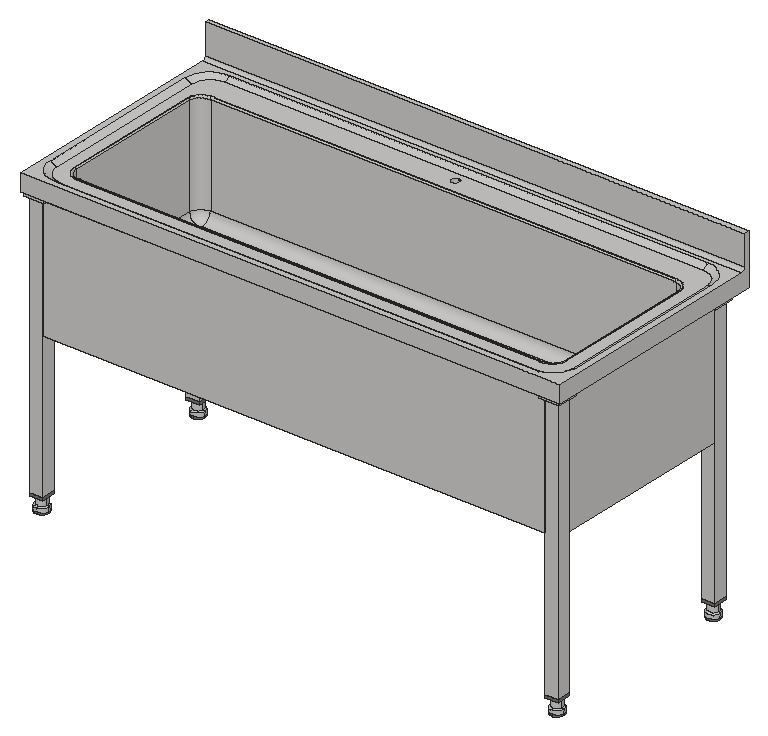
Revit family "QF_ZANUSSI_132912_SLP16N", category Attrezzature speciali, Revit 2020
Family settings
  Quota connettore circolare = Usa diametro
  Tipo di parte = Normale
  Basato su piano di lavoro = No
  Sempre verticale = Sì
  Taglio con vuoti quando caricato = No
  Condiviso = No
  Punto di calcolo locali = No
Parameters (values of type "Standard")
  Weight = 65.00 kg
  Watts = 0 W
  Volts = 0 V
  URL Manufacturer = "http://www.zanussiprofessional.com"
  URL = "http://www.zanussiprofessional.com"
  Steam Supply Size = 0 mm
  Steam Supply Minimum Pressure = 0.0 Pa
  Steam Supply Maximum Pressure = 0.0 Pa
  Steam Consumption per Hour = 0
  Refrigeration Suction Line Size = 0.0 mm
  Refrigeration Liquid Line Size = 0.0 mm
  Refrigerant Compressor Remote = yes
  Prospetto di default = 0.0 mm
  Phase = 0
  Modello = "SLP16N"
  Produttore = "Zanussi"
  Length Actual = 1600.0 mm  # constant formula
  Item Number = "132912"
  Hot Water Size = 0 mm
  Height Actual = 900.0 mm  # constant formula
  HP = "0 HP"
  Gas Size = 0 mm
  Gas KW = 0
  Gas Input Pressure = 0 W
  Direct Waste Size = 139.7 mm
  Descrizione = "SOAKING SINK UNIT WITH 1 BOWL (1280X510X340MM), 1600MM"
  Depth Actual = 700.0 mm  # constant formula
  Cycle = 0 Hz
  Condensate Return Size = 0 mm
  Compressed Air Volume = 0.0 L/s
  Compressed Air Size = 0 mm
  Compressed Air Pressure = 0.0 Pa
  Cold Water Size = 0 mm
  Accessory = yes
Reference planes
  plane 1 "Center (Front/Back)": y = 0
  plane 2: z = 0
  plane 3 "Center (Left/Right)": x = 0
  plane 4 "LEFT": x = -800
  plane 5 "RIGHT": x = 800
  plane 6 "BACK": y = 350
  plane 7 "FRONT": y = -350
  plane 8 "Base": z = 850
  plane 9 "TOP": z = 900
  plane 10 "Sink_Base": z = 558
  plane 11: z = 441
  plane 12 "PlaneGrid": z = 890
  plane 13 "ScaricoY": y = 141
  plane 14: x = 650
Forms (mm)
  Extrusion 1, solid, material "QF_Finishes_Stainless Steel"
    sketch origin (0, 0, 0) x (0, 1, 0) y (0, 0, 1)
      loop
        line (-350, 850) -> (350, 850) -> (350, 1000) -> (337, 1000) -> (337, 910)
        arc (337, 910) -> (334.071, 902.929) -> (327, 900) r 10
        line (327, 900) -> (-350, 900) -> (-350, 850)
    from 800 to -800
  Extrusion 2, void
    sketch origin (50, 9, 558) x (0, -1, 0) y (1, 0, 0)
      loop
        circle (-132, 600) r 28
    from 32.343 to -63.145
  Revolve 3, solid, material "QF_Finishes_White"
    sketch origin (650, 9, 0) x (0, -1, 0) y (0, 0, 1)
      loop
        line (-148.5, 542.617) -> (-148.5, 528.5) -> (-147, 528.5) -> (-147, 543.449) -> (-158.558, 550.671) -> (-158.558, 558) -> (-160.058, 558) -> (-160.058, 549.84) -> (-148.5, 542.617)
      axis (-132, 558) -> (-132, 528.5)
    angle from 0 to 360
  Extrusion 4, void
    sketch origin (-6.5, 18.8, 558) x (0, -1, 0) y (1, 0, 0)
      loop
        circle (-245, 6.5) r 11.5
    from 342 to 275.381
  Extrusion 5, void
    sketch origin (-5, 0, 900) x (0, 1, 0) y (-1, 0, 0)
      loop
        arc (-277.556, -695) -> (-265.84, -723.284) -> (-237.556, -735) r 40
        line (-237.556, -735) -> (182.444, -735)
        arc (182.444, -735) -> (210.729, -723.284) -> (222.444, -695) r 40
        line (222.444, -695) -> (222.444, 684.878)
        arc (222.444, 684.878) -> (210.729, 713.162) -> (182.444, 724.878) r 40
        line (182.444, 724.878) -> (-237.556, 724.878)
        arc (-237.556, 724.878) -> (-265.84, 713.162) -> (-277.556, 684.878) r 40
        line (-277.556, 684.878) -> (-277.556, -695)
    from 0 to -50
  Extrusion 6, solid, material "QF_Finishes_Stainless Steel"
    sketch origin (-5, 0, 558) x (0, -1, 0) y (1, 0, 0)
      loop
        line (242.556, -684.878) -> (242.556, 695)
        arc (242.556, 695) -> (241.091, 698.536) -> (237.556, 700) r 5
        line (237.556, 700) -> (-182.444, 700)
        arc (-182.444, 700) -> (-185.98, 698.536) -> (-187.444, 695) r 5
        line (-187.444, 695) -> (-187.444, -684.878)
        arc (-187.444, -684.878) -> (-185.98, -688.414) -> (-182.444, -689.878) r 5
        line (-182.444, -689.878) -> (237.556, -689.878)
        arc (237.556, -689.878) -> (241.091, -688.414) -> (242.556, -684.878) r 5
    from 0 to 1.5
  Sweep 7, solid, material "QF_Finishes_Stainless Steel"
    path origin (-4.99, -1.992, 900) x (0, 1, 0) y (-1, 0, 0)
      loop
        line (224.437, -694.99) -> (224.437, 684.888)
        arc (224.437, 684.888) -> (212.721, 713.172) -> (184.437, 724.888) r 40
        line (184.437, 724.888) -> (-235.563, 724.888)
        arc (-235.563, 724.888) -> (-263.848, 713.172) -> (-275.563, 684.888) r 40
        line (-275.563, 684.888) -> (-275.563, -694.99)
        arc (-275.563, -694.99) -> (-263.848, -723.274) -> (-235.563, -734.99) r 40
        line (-235.563, -734.99) -> (184.437, -734.99)
        arc (184.437, -734.99) -> (212.721, -723.274) -> (224.437, -694.99) r 40
    profile origin (0.061, 222.444, 900) x (0, -1, 0) y (0, 0, 1)
      loop
        arc (5, -15) -> (3.536, -11.464) -> (0, -10) r 5
        line (0, -10) -> (0, -11.5)
        arc (0, -11.5) -> (2.475, -12.525) -> (3.5, -15) r 3.5
        line (3.5, -15) -> (3.5, -310.5)
        arc (3.5, -310.5) -> (12.726, -332.774) -> (35, -342) r 31.5
        line (35, -342) -> (35, -340.5)
        arc (35, -340.5) -> (13.787, -331.713) -> (5, -310.5) r 30
        line (5, -310.5) -> (5, -15)
  Blend 8, void
    base sketch origin (-4.99, 0, 900) x (0, 1, 0) y (-1, 0, 0)
      loop
        arc (312.89, 705.01) -> (291.541, 756.551) -> (240, 777.9) r 72.89
        line (240, 777.9) -> (-260, 777.9)
        arc (-260, 777.9) -> (-311.541, 756.551) -> (-332.89, 705.01) r 72.89
        line (-332.89, 705.01) -> (-332.89, -714.99)
        arc (-332.89, -714.99) -> (-311.541, -766.531) -> (-260, -787.88) r 72.89
        line (-260, -787.88) -> (240, -787.88)
        arc (240, -787.88) -> (291.541, -766.531) -> (312.89, -714.99) r 72.89
        line (312.89, -714.99) -> (312.89, 705.01)
    top sketch origin (-4.99, 0, 900) x (0, 1, 0) y (-1, 0, 0)
      loop
        arc (294.457, 705.01) -> (278.507, 743.517) -> (240, 759.467) r 54.457
        line (240, 759.467) -> (-260, 759.467)
        arc (-260, 759.467) -> (-298.507, 743.517) -> (-314.457, 705.01) r 54.457
        line (-314.457, 705.01) -> (-314.457, -714.99)
        arc (-314.457, -714.99) -> (-298.507, -753.497) -> (-260, -769.447) r 54.457
        line (-260, -769.447) -> (240, -769.447)
        arc (240, -769.447) -> (278.507, -753.497) -> (294.457, -714.99) r 54.457
        line (294.457, -714.99) -> (294.457, 705.01)
    from 0 to -10
Cuts and joins
  Extrusion 4, Extrusion 5, Blend 8 cuts Extrusion 1
  Extrusion 2 cuts Extrusion 6
  joined: Extrusion 6, Sweep 7
Lines and regions (mm)
  symbolic lines
    curve 1: line (800, 350, 900) -> (-800, 350, 900)
    curve 2: line (-800, 350, 900) -> (-800, -350, 900)
    curve 3: line (-800, -350, 900) -> (800, -350, 900)
    curve 4: line (800, -350, 900) -> (800, 350, 900)
    curve 5: line (800, 337, 900) -> (-800, 337, 900)
    curve 6: arc (-782.89, 240, 900) -> (-761.541, 291.541, 900) -> (-710, 312.89, 900) r 72.89
    curve 7: line (-710, 312.89, 900) -> (710, 312.89, 900)
    curve 8: line (-782.89, -260, 900) -> (-782.89, 240, 900)
    curve 9: arc (-710, -332.89, 900) -> (-761.541, -311.541, 900) -> (-782.89, -260, 900) r 72.89
    curve 10: line (710, -332.89, 900) -> (-710, -332.89, 900)
    curve 11: line (-710, -314.457, 900) -> (710, -314.457, 900)
    curve 12: arc (-764.457, -260, 900) -> (-748.507, -298.507, 900) -> (-710, -314.457, 900) r 54.457
    curve 13: line (-764.457, 240, 900) -> (-764.457, -260, 900)
    curve 14: arc (-710, 294.457, 900) -> (-748.507, 278.507, 900) -> (-764.457, 240, 900) r 54.457
    curve 15: line (710, 294.457, 900) -> (-710, 294.457, 900)
    curve 16: arc (764.457, 240, 900) -> (748.507, 278.507, 900) -> (710, 294.457, 900) r 54.457
    curve 17: arc (710, 312.89, 900) -> (761.541, 291.541, 900) -> (782.89, 240, 900) r 72.89
    curve 18: line (782.89, 240, 900) -> (782.89, -260, 900)
    curve 19: line (764.457, -260, 900) -> (764.457, 240, 900)
    curve 20: arc (782.89, -260, 900) -> (761.541, -311.541, 900) -> (710, -332.89, 900) r 72.89
    curve 21: arc (710, -314.457, 900) -> (748.507, -298.507, 900) -> (764.457, -260, 900) r 54.457
    curve 22: circle (0, 263.8, 900) r 11.5 normal (0, 0, 1)
    curve 23: circle (650, 141, 900) r 28 normal (0, 0, 1)
    curve 24: circle (650, 141, 900) r 16.5 normal (0, 0, -1)
    curve 25: arc (-689.978, 222.444, 900) -> (-718.262, 210.729, 900) -> (-729.978, 182.444, 900) r 40
    curve 26: line (690, 222.444, 900) -> (-689.978, 222.444, 900)
    curve 27: line (-729.978, 182.444, 900) -> (-729.978, -237.556, 900)
    curve 28: arc (-729.978, -237.556, 900) -> (-718.262, -265.84, 900) -> (-689.978, -277.556, 900) r 40
    curve 29: line (-689.978, -277.556, 900) -> (690, -277.556, 900)
    curve 30: arc (690, -277.556, 900) -> (718.284, -265.84, 900) -> (730, -237.556, 900) r 40
    curve 31: line (730, -237.556, 900) -> (730, 182.444, 900)
    curve 32: arc (730, 182.444, 900) -> (718.284, 210.729, 900) -> (690, 222.444, 900) r 40
Dimensions and locks
  plane 4 "LEFT" to plane 5 "RIGHT" = 1600.0 mm
  equal spacing: plane 4 "LEFT", plane 3 "Center (Left/Right)", plane 5 "RIGHT"
  locked: plane 8 "Base" to level at 850
  locked: Extrusion 1 to level at 1000
  plane 9 "TOP" to level = 900.0 mm
  plane 6 "BACK" to plane 7 "FRONT" = 700.0 mm
  equal spacing: plane 6 "BACK", plane 1 "Center (Front/Back)", plane 7 "FRONT"
  plane 10 "Sink_Base" to level = 558.0 mm
  plane 11 to level = 441.0 mm
  locked: plane 6 "BACK" to plane 13 "ScaricoY" at 209
  plane 14 to plane 5 "RIGHT" = 150.0 mm
  aligned and locked: level to plane 2
  aligned and locked: Extrusion 1 to plane 4 "LEFT"
  aligned and locked: plane 5 "RIGHT" to Extrusion 1
  aligned and locked: curve 2 to plane 4 "LEFT"
Automatic sketch dimensions
  Extrusion 1 sketch curve to plane 7 "FRONT" = 0.0 mm
  Extrusion 1 sketch curve to plane 9 "TOP" = 0.0 mm
  Extrusion 1 sketch curve to plane 6 "BACK" = 0.0 mm
  Extrusion 1 sketch curve to plane 8 "Base" = 0.0 mm
  plane 9 "TOP" to Extrusion 1 sketch curve = 10.0 mm
  Extrusion 1 sketch curve to plane 6 "BACK" = 23.0 mm
  Extrusion 1 sketch curve to Extrusion 1 sketch curve = 90.0 mm
  Extrusion 2 sketch curve to plane 13 "ScaricoY" = 0.0 mm
  plane 10 "Sink_Base" to Revolve 3 sketch curve = 0.0 mm
  Revolve 3 sketch curve to plane 13 "ScaricoY" = 0.0 mm
  plane 13 "ScaricoY" to Revolve 3 sketch curve = 15.0 mm
  Revolve 3 sketch curve to Revolve 3 sketch curve = 1.5 mm  (x2)
  plane 10 "Sink_Base" to Revolve 3 sketch curve = 7.329 mm
  Revolve 3 sketch curve to Revolve 3 sketch curve = 10.058 mm
  Revolve 3 sketch curve to Revolve 3 sketch curve = 0.831 mm  (x2)
  Revolve 3 sketch curve to Revolve 3 sketch curve = 7.222 mm
  Revolve 3 sketch curve to Revolve 3 sketch curve = 14.117 mm
  Revolve 3 sketch curve to Revolve 3 sketch curve = 24.0 mm
  Revolve 3 sketch curve to plane 10 "Sink_Base" = 26.5 mm
  Extrusion 4 sketch curve to plane 3 "Center (Left/Right)" = 0.0 mm
  Sweep 7 sketch curve to Sweep 7 sketch curve = 0.0 mm  (x4)
  Sweep 7 sketch curve to profile plane = 0.0 mm
  Sweep 7 sketch curve to profile plane = 3.5 mm
  Sweep 7 sketch curve to Sweep 7 sketch curve = 1.5 mm
  Sweep 7 sketch curve to Sweep 7 sketch curve = 30.0 mm
  Sweep 7 sketch curve to profile plane = 342.0 mm
  Sweep 7 sketch curve to profile plane = 15.0 mm
  Blend 8 sketch curve to plane 6 "BACK" = 37.11 mm
  plane 4 "LEFT" to Blend 8 sketch curve = 90.0 mm  (x2)
  plane 7 "FRONT" to Blend 8 sketch curve = 90.0 mm  (x2)
  Blend 8 sketch curve to Blend 8 sketch curve = 72.89 mm  (x4)
  Blend 8 sketch curve to plane 5 "RIGHT" = 90.0 mm  (x2)
  Blend 8 sketch curve to Blend 8 sketch curve = 54.457 mm  (x2)
  plane 7 "FRONT" to Sweep 7 sketch curve = 112.444 mm
  Sweep 7 sketch curve to Sweep 7 sketch curve = 40.0 mm  (x3)
  plane 13 "ScaricoY" to Sweep 7 sketch curve = 41.444 mm  (x2)
  plane 4 "LEFT" to Sweep 7 sketch curve = 110.122 mm
  Extrusion 2 sketch curve to plane 5 "RIGHT" = 150.0 mm
  Sweep 7 sketch curve to plane 5 "RIGHT" = 110.0 mm
  Extrusion 4 sketch curve to plane 6 "BACK" = 86.2 mm
  plane 13 "ScaricoY" to Blend 8 sketch curve = 99.0 mm  (x2)
  plane 4 "LEFT" to Blend 8 sketch curve = 35.543 mm
  curve 6 to curve 14 = 0.0 mm  (x2)
  curve 9 to curve 12 = 0.0 mm  (x2)
  curve 16 to curve 17 = 0.0 mm  (x2)
  curve 20 to curve 21 = 0.0 mm
  curve 23 to curve 24 = 0.0 mm  (x2)
  curve 4 to plane 5 "RIGHT" = 0.0 mm
  curve 4 to plane 7 "FRONT" = 0.0 mm
  curve 24 to plane 13 "ScaricoY" = 0.0 mm
  curve 22 to plane 3 "Center (Left/Right)" = 0.0 mm
  curve 2 to plane 6 "BACK" = 0.0 mm
  curve 23 to plane 14 = 0.0 mm
  plane 7 "FRONT" to curve 10 = 17.11 mm
  curve 10 to curve 11 = 18.433 mm
  curve 22 to plane 6 "BACK" = 86.2 mm
  curve 18 to plane 5 "RIGHT" = 17.11 mm
  curve 5 to plane 6 "BACK" = 13.0 mm
  plane 4 "LEFT" to curve 8 = 17.11 mm
  curve 6 to curve 14 = 54.457 mm
  Extrusion 5 sketch curve to plane 14 = 40.0 mm  (x2)
  Extrusion 5 sketch curve to Extrusion 5 sketch curve = 40.0 mm  (x3)
  plane 13 "ScaricoY" to Extrusion 5 sketch curve = 41.444 mm
  plane 4 "LEFT" to Extrusion 5 sketch curve = 110.122 mm
  plane 7 "FRONT" to Extrusion 5 sketch curve = 112.444 mm
  curve 11 to curve 13 = 54.457 mm
  curve 18 to curve 5 = 97.0 mm
  plane 7 "FRONT" to Extrusion 6 sketch curve = 112.444 mm
  Extrusion 6 sketch curve to Extrusion 6 sketch curve = 5.0 mm  (x4)
  plane 4 "LEFT" to Extrusion 6 sketch curve = 110.122 mm
  plane 13 "ScaricoY" to Extrusion 6 sketch curve = 41.444 mm
  Extrusion 6 sketch curve to plane 14 = 40.0 mm
  plane 13 "ScaricoY" to curve 25 = 41.444 mm
  curve 26 to curve 6 = 17.556 mm
  curve 26 to curve 6 = 20.022 mm
  curve 16 to curve 26 = 20.0 mm
  curve 9 to curve 27 = 22.444 mm
  curve 28 to curve 9 = 20.022 mm
  curve 20 to curve 29 = 20.0 mm
  curve 20 to curve 30 = 22.444 mm
  plane 13 "ScaricoY" to curve 31 = 41.444 mm
  curve 29 to curve 21 = 17.556 mm
  radius of Extrusion 2 sketch curve = 28.0 mm
  radius of Extrusion 4 sketch curve = 11.5 mm
  radius of curve 22 = 11.5 mm
  radius of curve 23 = 28.0 mm
  radius of curve 24 = 16.5 mm
Nested families
  nested 1: "TAV_W1600_CASSH" at (-150, 0, 0), type "TAV_W1600_CASSH"
Connectors
  piping at (650, 141, 528.5), diameter 30
    settings: on Revolve 3, index 1, connector inside diameter 609.6 mm, connector length 0.0 mm, flow factor 0, pipe flow 0.0 L/s, pressure drop 0.0 Pa, fitting loss kfactor 0, connector angle 0.00°, fixture units 0, engagement length 0.0 mm, angle of deflection 0.00°, flow configuration 1, flow direction 2, fitting loss method 0, system type 16, joint type 0, gender type 0, connector reference index -1, connector utility 0, adjustable connector no, is connector primary yes, connector description "Drain 2"
Definition of nested family "TAV_W1600_CASSH"
  Parameters
    Default Elevation = 0.0 mm
    Model = "TAV_W1600_CASSH"
    Manufacturer = "Electrolux Professional"
    Description = ""
  Reference planes
    plane 1 "Center (Front/Back)": y = 0
    plane 2: z = 0
    plane 3 "Center (Left/Right)": x = 150
    plane 4 "LEFT": x = -650
    plane 5 "RIGHT": x = 950
    plane 6 "BACK": y = 350
    plane 7 "FRONT": y = -350
    plane 8 "Base": z = 850
    plane 9 "TOP": z = 900
    plane 10: x = -614.5
    plane 11: x = 914.5
    plane 12: y = 265.5
    plane 13: y = -314.5
    plane 14: x = -594.5
    plane 15: x = 894.5
    plane 16 "RIPIANO": z = 200
  Forms (mm)
    Extrusion 1, solid
      sketch origin (0, 0.5, 850) x (0, 1, 0) y (-1, 0, 0)
        loop
          line (245, 634.5) -> (-295, 634.5) -> (-295, 633) -> (245, 633) -> (245, 634.5)
        loop
          line (-295, -934.5) -> (285, -934.5) -> (285, -933) -> (-295, -933) -> (-295, -934.5)
        loop
          line (-335, 594.5) -> (-335, -894.5) -> (-333.5, -894.5) -> (-333.5, 594.5) -> (-335, 594.5)
      from -10 to -370
    Extrusion 2, solid
      sketch origin (-4.534, 0, 850) x (0, 1, 0) y (-1, 0, 0)
        loop
          line (235.5, 629.966) -> (-284.5, 629.966) -> (-284.5, 589.966) -> (235.5, 589.966) -> (235.5, 629.966)
        loop
          line (-334.506, 579.966) -> (-334.506, -889.034) -> (-294.506, -889.034) -> (-294.506, 579.966) -> (-334.506, 579.966)
        loop
          line (-284.5, -939.034) -> (235.5, -939.034) -> (235.5, -899.034) -> (-284.5, -899.034) -> (-284.5, -939.034)
        loop
          line (285.5, 579.966) -> (245.5, 579.966) -> (245.5, -889.034) -> (285.5, -889.034) -> (285.5, 579.966)
      from 0 to -10
  Lines and regions (mm)
    symbolic lines, detail levels coarse
      curve 1: line (-650, 350, 200) -> (950, 350, 200)
      curve 2: line (-650, -350, 200) -> (-650, 350, 200)
      curve 3: line (950, -350, 200) -> (-650, -350, 200)
      curve 4: line (950, 350, 200) -> (950, -350, 200)
  Dimensions and locks
    plane 4 "LEFT" to plane 5 "RIGHT" = 1600.0 mm
    equal spacing: plane 4 "LEFT", plane 3 "Center (Left/Right)", plane 5 "RIGHT"
    locked: plane 8 "Base" to level at 850
    plane 4 "LEFT" to plane 10 = 35.5 mm
    plane 11 to plane 5 "RIGHT" = 35.5 mm
    plane 10 to plane 11 = 1529.0 mm
    plane 9 "TOP" to level = 900.0 mm
    plane 6 "BACK" to plane 12 = 84.5 mm
    plane 13 to plane 7 "FRONT" = 35.5 mm
    plane 6 "BACK" to plane 7 "FRONT" = 700.0 mm
    plane 12 to plane 13 = 580.0 mm
    equal spacing: plane 6 "BACK", plane 1 "Center (Front/Back)", plane 7 "FRONT"
    locked: plane 14 to plane 4 "LEFT" at 55.5
    locked: plane 5 "RIGHT" to plane 15 at 55.5
    plane 16 "RIPIANO" to level = 200.0 mm
    plane 2 to plane 16 "RIPIANO" to plane 8 "Base" = 200.0 mm, 650.0 mm
    aligned and locked: level to plane 2
    aligned and locked: plane 10 to nested 1
    aligned and locked: nested 1 to plane 13
    aligned and locked: plane 11 to nested 2
    aligned and locked: nested 2 to plane 13
    aligned and locked: plane 11 to nested 4
    aligned and locked: nested 4 to plane 12
    aligned and locked: plane 10 to nested 3
    aligned and locked: nested 3 to plane 12
    aligned and locked: plane 14 to Extrusion 1 sketch curve
    aligned and locked: Extrusion 1 sketch curve to plane 15
    aligned and locked: Extrusion 1 to Extrusion 2
  Automatic sketch dimensions
    plane 7 "FRONT" to Extrusion 1 sketch curve = 15.5 mm
    plane 13 to Extrusion 1 sketch curve = 20.0 mm  (x2)
    plane 4 "LEFT" to Extrusion 1 sketch curve = 15.5 mm
    Extrusion 1 sketch curve to plane 5 "RIGHT" = 15.5 mm
    Extrusion 1 sketch curve to Extrusion 1 sketch curve = 1.5 mm  (x3)
    Extrusion 1 sketch curve to plane 6 "BACK" = 104.5 mm
    Extrusion 1 sketch curve to plane 6 "BACK" = 64.5 mm
    plane 15 to Extrusion 2 sketch curve = 10.0 mm  (x2)
    plane 7 "FRONT" to Extrusion 2 sketch curve = 15.494 mm
    plane 13 to Extrusion 2 sketch curve = 19.994 mm
    Extrusion 2 sketch curve to plane 5 "RIGHT" = 15.5 mm
    plane 13 to Extrusion 2 sketch curve = 30.0 mm  (x2)
    Extrusion 2 sketch curve to plane 14 = 0.0 mm
    Extrusion 2 sketch curve to plane 12 = 30.0 mm  (x2)
    Extrusion 2 sketch curve to plane 12 = 20.0 mm
    plane 12 to Extrusion 2 sketch curve = 20.0 mm
    Extrusion 2 sketch curve to plane 15 = 0.0 mm
    Extrusion 2 sketch curve to plane 14 = 10.0 mm  (x2)
    Extrusion 2 sketch curve to plane 10 = 20.0 mm
    curve 3 to plane 4 "LEFT" = 0.0 mm
    curve 3 to plane 7 "FRONT" = 0.0 mm
    curve 2 to plane 6 "BACK" = 0.0 mm
    curve 1 to plane 5 "RIGHT" = 0.0 mm
  Nested families
    nested 1: "FEET_40x40_TAV" at (-614.5, -314.5, 0), type "FEET_40x40_TAV"
    nested 2: "FEET_40x40_TAV" at (914.5, -314.5, 0), type "FEET_40x40_TAV"
    nested 3: "FEET_40x40_TAV" at (-614.5, 265.5, 0), type "FEET_40x40_TAV"
    nested 4: "FEET_40x40_TAV" at (914.5, 265.5, 0), type "FEET_40x40_TAV"
  Definition of nested family "FEET_40x40_TAV"
    Parameters
      Default Elevation = 0.0 mm
      FEET = 850.0 mm
    Reference planes
      plane 1 "Center (Front/Back)": y = 0
      plane 2: z = 0
      plane 3 "Center (Left/Right)": x = 0
      plane 4: z = 850
    Forms (mm)
      Extrusion 1, solid
        sketch origin (0, 0, 0) x (1, 0, 0) y (0, 1, 0)
          loop
            line (-20, -20) -> (20, -20) -> (20, 20) -> (-20, 20) -> (-20, -20)
        from 50 to 840
      Extrusion 2, solid
        sketch origin (0, 0, 0) x (1, 0, 0) y (0, 1, 0)
          loop
            circle (0, 0) r 20
        from 0 to 5
      Extrusion 3, solid
        sketch origin (0, 0, 0) x (1, 0, 0) y (0, 1, 0)
          loop
            line (30, 30) -> (-30, 30) -> (-30, -30) -> (30, -30) -> (30, 30)
        from 840 to 850
      Extrusion 4, solid
        sketch origin (0, 0, 0) x (1, 0, 0) y (0, 1, 0)
          loop
            line (-20, -20) -> (20, -20) -> (20, 20) -> (-20, 20) -> (-20, -20)
        from 50 to 42
      Revolve 5, solid
        sketch origin (0, 0, 0) x (1, 0, 0) y (0, 0, 1)
          loop
            line (0, 42) -> (-15, 42) -> (-15, 20) -> (-20, 15) -> (-20, 5) -> (0, 5) -> (0, 42)
          axis (0, 42) -> (0, 5)
        angle from 0 to 360
    Lines and regions (mm)
      symbolic lines
        curve 1: line (0, -1.503, 0) -> (0, 1.508, 0)
        curve 2: line (1.561, 0, 0) -> (-1.439, 0, 0)
    Dimensions and locks
      "FEET": plane 4 to plane 2
      aligned and locked: level to plane 2
    Automatic sketch dimensions
      plane 1 "Center (Front/Back)" to curve 2 = 0.0 mm
      curve 1 to plane 3 "Center (Left/Right)" = 0.0 mm
      curve 2 to plane 3 "Center (Left/Right)" = 1.439 mm
      plane 3 "Center (Left/Right)" to curve 2 = 1.561 mm
      plane 1 "Center (Front/Back)" to curve 1 = 1.503 mm
      curve 1 to plane 1 "Center (Front/Back)" = 1.508 mm
      Extrusion 1 sketch curve to plane 3 "Center (Left/Right)" = 20.0 mm
      plane 3 "Center (Left/Right)" to Extrusion 1 sketch curve = 20.0 mm
      plane 1 "Center (Front/Back)" to Extrusion 1 sketch curve = 20.0 mm
      Extrusion 1 sketch curve to plane 1 "Center (Front/Back)" = 20.0 mm
      plane 1 "Center (Front/Back)" to Extrusion 2 sketch curve = 0.0 mm
      Extrusion 2 sketch curve to plane 3 "Center (Left/Right)" = 0.0 mm
      Extrusion 3 sketch curve to plane 3 "Center (Left/Right)" = 30.0 mm
      plane 3 "Center (Left/Right)" to Extrusion 3 sketch curve = 30.0 mm
      plane 1 "Center (Front/Back)" to Extrusion 3 sketch curve = 30.0 mm
      Extrusion 3 sketch curve to plane 1 "Center (Front/Back)" = 30.0 mm
      Extrusion 4 sketch curve to plane 3 "Center (Left/Right)" = 20.0 mm
      plane 3 "Center (Left/Right)" to Extrusion 4 sketch curve = 20.0 mm
      plane 1 "Center (Front/Back)" to Extrusion 4 sketch curve = 20.0 mm
      Extrusion 4 sketch curve to plane 1 "Center (Front/Back)" = 20.0 mm
      Revolve 5 sketch curve to plane 3 "Center (Left/Right)" = 0.0 mm  (x2)
      Revolve 5 sketch curve to plane 3 "Center (Left/Right)" = 15.0 mm
      Revolve 5 sketch curve to Revolve 5 sketch curve = 5.0 mm  (x3)
      level to Revolve 5 sketch curve = 5.0 mm
      Revolve 5 sketch curve to Revolve 5 sketch curve = 10.0 mm
      Revolve 5 sketch curve to Revolve 5 sketch curve = 22.0 mm
      Revolve 5 sketch curve to level = 9.561 mm
      radius of Extrusion 2 sketch curve = 20.0 mm
